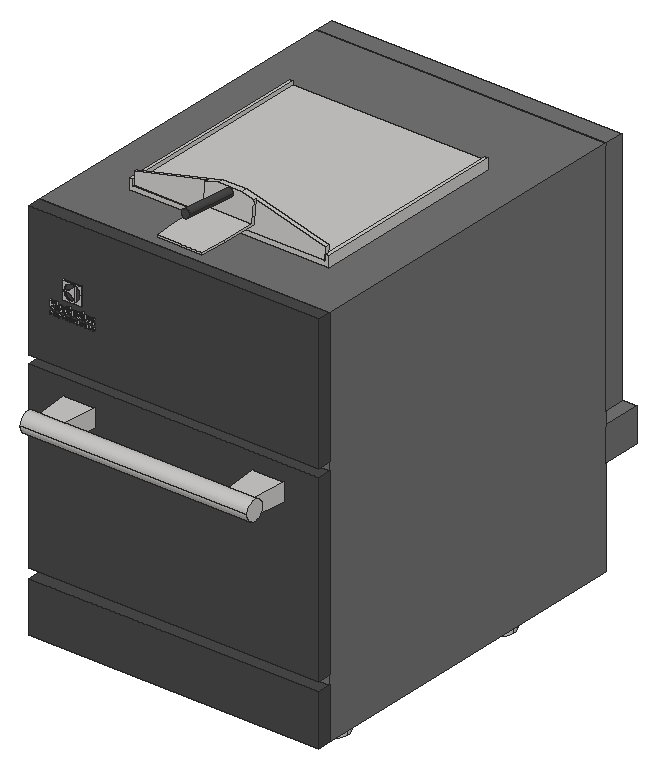
Revit family "QF_ELECTROLUXPROFESSIONAL_603955_EPRPROSITEU", category Specialty Equipment, Revit 2023
Family settings
  Round Connector Dimension = Use Diameter
  Part Type = Normal
  Work Plane-Based = No
  Enable Cutting in Views = No
  Always vertical = Yes
  Cut with Voids When Loaded = No
  Maintain Annotation Orientation = No
  Shared = No
  Room Calculation Point = No
Parameters (values of type "Standard")
  Weight = 68.00 kg
  Watts = 0 W
  Volts = 220 V
  URL Manufacturer = "http://www.electroluxprofessional.com"
  URL = "http://www.electroluxprofessional.com"
  Steam Supply Size = 0 mm
  Steam Supply Minimum Pressure = 0.0 Pa
  Steam Supply Maximum Pressure = 0.0 Pa
  Steam Consumption per Hour = 0
  Show Logo [instance] = yes
  Show Clearance [instance] = yes
  Refrigeration Suction Line Size = 0 mm
  Refrigeration Liquid Line Size = 0 mm
  Refrigerant Compressor Remote = yes
  Default Elevation = 0 mm
  Manufacturer = "Electrolux Professional"
  Phase = 1
  Model = "EPRPROSITEU"
  Length Actual = 460 mm
  Item Number = "603955"
  Hot Water Size = 0 mm
  Height Actual = 660 mm
  HP = "4.7 HP"
  Gas Size = 0 mm
  Gas KW = 0
  Gas Input Pressure = 0 W
  Direct Waste Size = 0 mm
  Description = "GOURMEXPRESS HIGH SPEED OVEN (3.5 KW) 230V/1N/50HZ - BLACK - SCHUKO PLUG"
  Depth Actual = 710 mm
  Cycle = 50 Hz
  Condensate Return Size = 0 mm
  Compressed Air Volume = 0.0 L/s
  Compressed Air Size = 0 mm
  Compressed Air Pressure = 0.0 Pa
  Cold Water Size = 0 mm
  Accessory = no
Reference planes
  plane 1 "Center X": y = 418.851
  plane 2: z = 0
  plane 3 "Center Y": x = 103.5
  plane 4 "BACK": y = 703.851
  plane 5 "FRONT": y = 133.851
  plane 6: z = 629
  plane 7 "TOP": z = 1239
  plane 8: y = -121.149
  plane 9 "RIGHT": x = 333.5
  plane 10 "LEFT": x = -126.5
  plane 11: x = -56.5
  plane 12: x = 263.5
  plane 13: y = 583.851
  plane 14: y = 253.851
  plane 15: z = 578
Forms (mm)
  Extrusion 1, solid, material "QF_Finishes_Dark Gray"
    sketch origin (0, 0, 578) x (1, 0, 0) y (0, 1, 0)
      loop
        line (-126.5, 703.851) -> (-126.5, 155.851) -> (333.5, 155.851) -> (333.5, 703.851) -> (-126.5, 703.851)
    from 51 to 661
  Extrusion 2, solid, material "QF_Finishes_Black"
    sketch origin (0, 0, 578) x (1, 0, 0) y (0, 1, 0)
      loop
        line (-126.5, 155.851) -> (-126.5, 133.851) -> (333.5, 133.851) -> (333.5, 155.851) -> (-126.5, 155.851)
    from 51 to 131
  Extrusion 3, solid, material "QF_Finishes_Black"
    sketch origin (0, 0, 673) x (1, 0, 0) y (0, 1, 0)
      loop
        line (-126.5, 155.851) -> (-126.5, 133.851) -> (333.5, 133.851) -> (333.5, 155.851) -> (-126.5, 155.851)
    from 51 to 341
  Extrusion 4, solid, material "QF_Finishes_Black"
    sketch origin (0, 0, 976) x (1, 0, 0) y (0, 1, 0)
      loop
        line (-126.5, 155.851) -> (-126.5, 133.851) -> (333.5, 133.851) -> (333.5, 155.851) -> (-126.5, 155.851)
    from 51 to 263
  Extrusion 5, solid, material "QF_Finishes_Dark Gray"
    sketch origin (-126.5, 0, 578) x (0, 1, 0) y (0, 0, 1)
      loop
        line (703.851, 661) -> (703.851, 281) -> (733.851, 281) -> (733.851, 661) -> (703.851, 661)
    from 0 to 460
  Extrusion 6, solid, material "QF_Finishes_Dark Gray"
    sketch origin (-126.5, 0, 578) x (0, 1, 0) y (0, 0, 1)
      loop
        line (703.851, 261) -> (703.851, 207) -> (763.851, 207) -> (763.851, 261) -> (703.851, 261)
    from 0 to 460
  Extrusion 7, solid, material "QF_Finishes_Dark Gray"
    sketch origin (-126.5, 703.851, 578) x (1, 0, 0) y (0, 0, -1)
      loop
        circle (230, -111) r 10
    from 0 to 10
  Extrusion 8, solid, material "QF_Finishes_Stainless Steel"
    sketch origin (-126.5, 15, 578) x (0, 1, 0) y (0, 0, 1)
      loop
        circle (53.851, 400) r 15
    from 50 to 410
  Extrusion 9, solid, material "QF_Finishes_Stainless Steel"
    sketch origin (0, 0, 578) x (1, 0, 0) y (0, 1, 0)
      loop
        line (-71.5, 133.851) -> (-64.668, 68.851) -> (-28.332, 68.851) -> (-21.5, 133.851) -> (-71.5, 133.851)
    from 382.4 to 410.034
  Extrusion 10, solid, material "QF_Finishes_Stainless Steel"
    sketch origin (207, 0, 578) x (-1, 0, 0) y (0, -1, 0)
      loop
        line (-71.5, -133.851) -> (-21.5, -133.851) -> (-28.332, -68.851) -> (-64.668, -68.851) -> (-71.5, -133.851)
    from 382.4 to 410.034
  Extrusion 11, solid, material "QF_Finishes_Stainless Steel"
    sketch origin (313.5, 559.851, 708) x (-1, 0, 0) y (0, 0, -1)
      loop
        line (367.5, -531) -> (52.5, -531) -> (52.5, -548) -> (57.5, -548) -> (57.5, -538) -> (362.5, -538) -> (362.5, -548) -> (367.5, -548) -> (367.5, -531)
    from 0 to 316
  Extrusion 12, solid, material "QF_Finishes_Stainless Steel"
    sketch origin (313.5, 192.398, 710.47) x (-1, 0, 0) y (0, -0.095638, -0.995416)
      loop
        line (362, -538.979) -> (58, -538.979) -> (58, -558.12) -> (191.039, -590.161) -> (228.961, -590.161) -> (362, -558.12) -> (362, -538.979)
    from 0 to -5
  Extrusion 13, solid, material "QF_Finishes_Stainless Steel"
    sketch origin (313.5, 192.398, 710.466) x (-1, 0, 0) y (0, -0.095638, -0.995416)
      loop
        line (228.961, -590.164) -> (248.405, -585.482) -> (248.405, -549.816) -> (171.595, -549.816) -> (171.595, -585.482) -> (191.039, -590.164) -> (228.961, -590.164)
    from 0 to 5
  Extrusion 14, solid, material "QF_Finishes_Stainless Steel"
    sketch origin (0, 1.059, 1239.429) x (1, 0, 0) y (0, 1, 0)
      loop
        line (65.095, 244.787) -> (65.095, 183.851) -> (68.512, 144.792) -> (138.488, 144.792) -> (141.905, 183.851) -> (141.905, 244.787) -> (65.095, 244.787)
    from 17.834 to 20.834
  Extrusion 15, solid, material "QF_Finishes_Black"
    sketch origin (313.5, 187.421, 710.944) x (-1, 0, 0) y (0, -0.095638, -0.995416)
      loop
        circle (210, -582.028) r 6.6
    from 0 to 86.671
  Extrusion 16, solid, material "QF_Door-Drawer Clearances", visible <- "Show Clearance", detail levels coarse
    sketch origin (-126.5, 0, 0) x (0, 1, 0) y (0, 0, 1)
      loop
        line (133.851, 724) -> (133.851, 1014)
        arc (133.851, 1014) -> (-53.454, 921.587) -> (-121.149, 724) r 273.889
        line (-121.149, 724) -> (133.851, 724)
    from 0 to 460
  Extrusion 17, solid, material "QF_Clearances", visible <- "Show Clearance", detail levels coarse
    sketch origin (0, 0, 1239) x (1, 0, 0) y (0, 1, 0)
      loop
        line (-126.5, 703.851) -> (333.5, 703.851) -> (333.5, 133.851) -> (393.5, 133.851) -> (393.5, 763.851) -> (-186.5, 763.851) -> (-186.5, 133.851) -> (-126.5, 133.851) -> (-126.5, 703.851)
    from -661 to 140
  Extrusion 18, solid, material "QF_Clearances", visible <- "Show Clearance", detail levels coarse
    sketch origin (0, 0, 1239) x (1, 0, 0) y (0, 1, 0)
      loop
        line (-126.5, 703.851) -> (-126.5, 133.851) -> (333.5, 133.851) -> (333.5, 703.851) -> (-126.5, 703.851)
    from 0 to 140
  Extrusion 19, solid, material "QF_Finishes_Stainless Steel"
    sketch origin (313.5, 429.285, 708) x (-1, 0, 0) y (0, 0, -1)
      loop
        line (362, -543.5) -> (362, -538.5) -> (58, -538.5) -> (58, -543.5) -> (362, -543.5)
    from -130.566 to 180.363
Cuts and joins
  joined: Extrusion 8, Extrusion 9, Extrusion 10
  joined: Extrusion 12, Extrusion 13, Extrusion 14, Extrusion 19
Lines and regions (mm)
  Split face 1
    outline origin (365.185, 133.851, 976) x (-1, 0, 0) y (0, 0, -1)
      loop
        line (491.685, -81) -> (363.685, -81) -> (351.685, -69) -> (171.685, -69) -> (159.685, -81) -> (31.685, -81)
  Split face 2
    outline origin (365.185, 133.851, 976) x (-1, 0, 0) y (0, 0, -1)
      loop
        line (316.685, -185) -> (316.685, -119) -> (206.685, -119) -> (206.685, -185) -> (316.685, -185)
  Split face 3
    outline origin (365.185, 133.851, 976) x (-1, 0, 0) y (0, 0, -1)
      loop
        circle (101.685, -153.968) r 15
  symbolic lines
    curve 1: line (-126.5, 703.851, 1239) -> (333.5, 703.851, 1239)
    curve 2: line (-126.5, 133.851, 1239) -> (-126.5, 703.851, 1239)
    curve 3: line (333.5, 133.851, 1239) -> (-126.5, 133.851, 1239)
    curve 4: line (333.5, 703.851, 1239) -> (333.5, 133.851, 1239)
    curve 5: line (-54, 559.851, 1239) -> (261, 559.851, 1239)
    curve 6: line (-54, 243.851, 1239) -> (-54, 559.851, 1239)
    curve 7: line (261, 243.851, 1239) -> (141.905, 243.851, 1239)
    curve 8: line (261, 559.851, 1239) -> (261, 243.851, 1239)
    curve 9: line (65.095, 248.392, 1239) -> (65.095, 184.91, 1239)
    curve 10: line (65.095, 184.91, 1239) -> (68.512, 145.851, 1239)
    curve 11: line (138.488, 145.851, 1239) -> (141.905, 184.91, 1239)
    curve 12: line (141.905, 184.91, 1239) -> (141.905, 248.392, 1239)
    curve 13: spline (110.1, 156.811, 1239) -> (109.875, 156.974, 1239) -> (109.216, 157.126, 1239) -> (108.167, 157.257, 1239) -> (106.8, 157.357, 1239) -> (105.208, 157.42, 1239) -> (103.5, 157.442, 1239) -> (101.792, 157.42, 1239) -> (100.2, 157.357, 1239) -> (98.833, 157.257, 1239) -> (97.784, 157.126, 1239) -> (97.125, 156.974, 1239) -> (96.9, 156.811, 1239)
    curve 14: spline (96.9, 156.811, 1239) -> (97.125, 156.647, 1239) -> (97.784, 156.495, 1239) -> (98.833, 156.364, 1239) -> (100.2, 156.264, 1239) -> (101.792, 156.201, 1239) -> (103.5, 156.18, 1239) -> (105.208, 156.201, 1239) -> (106.8, 156.264, 1239) -> (108.167, 156.364, 1239) -> (109.216, 156.495, 1239) -> (109.875, 156.647, 1239) -> (110.1, 156.811, 1239)
    curve 15: line (96.9, 156.811, 1239) -> (96.9, 243.084, 1239)
    curve 16: spline (96.9, 243.084, 1239) -> (97.125, 243.248, 1239) -> (97.784, 243.4, 1239) -> (98.833, 243.531, 1239) -> (100.2, 243.631, 1239) -> (101.792, 243.694, 1239) -> (103.5, 243.715, 1239) -> (105.208, 243.694, 1239) -> (106.8, 243.631, 1239) -> (108.167, 243.531, 1239) -> (109.216, 243.4, 1239) -> (109.875, 243.248, 1239) -> (110.1, 243.084, 1239)
    curve 17: line (110.1, 156.811, 1239) -> (110.1, 243.084, 1239)
    curve 18: line (-27.16, 80.001, 1239) -> (-21.5, 133.851, 1239)
    curve 19: line (-71.5, 133.851, 1239) -> (-65.84, 80.001, 1239)
    curve 20: line (-76.5, 83.851, 1239) -> (-66.245, 83.851, 1239)
    curve 21: line (-76.5, 53.851, 1239) -> (-76.5, 83.851, 1239)
    curve 22: line (283.5, 53.851, 1239) -> (-76.5, 53.851, 1239)
    curve 23: line (283.5, 83.851, 1239) -> (283.5, 53.851, 1239)
    curve 24: line (228.5, 133.851, 1239) -> (234.16, 80.001, 1239)
    curve 25: line (272.84, 80.001, 1239) -> (278.5, 133.851, 1239)
    curve 34: line (-126.5, 703.851, 1239) -> (-126.5, 733.851, 1239)
    curve 35: line (-126.5, 733.851, 1239) -> (333.5, 733.851, 1239)
    curve 36: line (333.5, 733.851, 1239) -> (333.5, 703.851, 1239)
    curve 37: line (-126.5, 733.851, 1239) -> (-126.5, 763.851, 1239)
    curve 38: line (333.5, 763.851, 1239) -> (333.5, 733.851, 1239)
    curve 39: line (-126.5, 763.851, 0) -> (333.5, 763.851, 0)
    curve 40: line (68.512, 145.851, 1239) -> (138.488, 145.851, 1239)
    curve 41: line (-26.755, 83.851, 1239) -> (233.755, 83.851, 1239)
    curve 42: line (273.245, 83.851, 1239) -> (283.5, 83.851, 1239)
    curve 43: line (234.16, 80.001, 1239) -> (272.84, 80.001, 1239)
    curve 44: line (-65.84, 80.001, 1239) -> (-27.16, 80.001, 1239)
    curve 45: spline (96.9, 243.085, 1239) -> (97.125, 243.248, 1239) -> (97.784, 243.4, 1239) -> (98.833, 243.531, 1239) -> (100.2, 243.631, 1239) -> (101.792, 243.694, 1239) -> (103.5, 243.716, 1239) -> (105.208, 243.694, 1239) -> (106.8, 243.631, 1239) -> (108.167, 243.531, 1239) -> (109.216, 243.4, 1239) -> (109.875, 243.248, 1239) -> (110.1, 243.085, 1239)
    curve 46: line (84.539, 253.817, 1239) -> (84.539, 243.863, 1239)
    curve 47: line (122.461, 243.863, 1239) -> (122.461, 253.817, 1239)
    curve 48: line (122.461, 253.817, 1239) -> (255.5, 250.752, 1239)
    curve 49: line (256, 559.851, 1239) -> (256, 243.851, 1239)
    curve 50: line (255.5, 243.851, 1239) -> (255.5, 559.851, 1239)
    curve 51: line (-48.5, 559.851, 1239) -> (-48.5, 243.851, 1239)
    curve 52: line (-49, 243.851, 1239) -> (-49, 559.851, 1239)
    curve 53: line (141.905, 248.392, 1239) -> (255.5, 245.775, 1239)
    curve 54: line (141.905, 240.198, 1239) -> (110.1, 240.198, 1239)
    curve 55: line (141.905, 243.415, 1239) -> (122.461, 243.863, 1239)
    curve 56: line (84.539, 243.863, 1239) -> (65.095, 243.415, 1239)
    curve 57: line (-48.5, 245.775, 1239) -> (65.095, 248.392, 1239)
    curve 58: line (-48.5, 250.752, 1239) -> (84.539, 253.817, 1239)
    curve 59: line (84.539, 253.817, 1239) -> (122.461, 253.817, 1239)
    curve 60: line (122.461, 243.863, 1239) -> (84.539, 243.863, 1239)
    curve 61: line (65.095, 243.851, 1239) -> (-54, 243.851, 1239)
    curve 62: line (96.9, 240.198, 1239) -> (65.095, 240.198, 1239)
  symbolic lines, style "QF_Door-Drawer Clearances"
    curve 26: line (-126.5, 133.851, 1239) -> (-126.5, -121.149, 1239)
    curve 27: line (-126.5, -121.149, 1239) -> (333.5, -121.149, 1239)
    curve 28: line (333.5, -121.149, 1239) -> (333.5, 133.851, 1239)
  symbolic lines, style "QF_Clearances"
    curve 29: line (-186.5, 763.851, 1239) -> (-126.5, 763.851, 1239)
    curve 30: line (393.5, 763.851, 1239) -> (393.5, 133.851, 1239)
    curve 31: line (393.5, 133.851, 1239) -> (333.5, 133.851, 1239)
    curve 32: line (-126.5, 133.851, 1239) -> (-186.5, 133.851, 1239)
    curve 33: line (-186.5, 133.851, 1239) -> (-186.5, 763.851, 1239)
    curve 63: line (333.5, 763.851, 1239) -> (393.5, 763.851, 1239)
Dimensions and locks
  plane 4 "BACK" to plane 5 "FRONT" = 570 mm
  equal spacing: plane 4 "BACK", plane 1 "Center X", plane 5 "FRONT"
  equal spacing: plane 10 "LEFT", plane 3 "Center Y", plane 9 "RIGHT"
  plane 10 "LEFT" to plane 9 "RIGHT" = 460 mm
  plane 5 "FRONT" to plane 8 = 255 mm
  plane 6 to plane 15 = 51 mm
  plane 7 "TOP" to plane 6 = 610 mm
  plane 11 to plane 12 = 320 mm
  plane 13 to plane 14 = 330 mm  (x2)
  plane 15 to level = 578 mm
  aligned and locked: level to plane 2
  aligned and locked: plane 12 to nested 2
  aligned and locked: plane 12 to nested 3
  aligned and locked: plane 11 to nested 1
  aligned and locked: plane 11 to nested 4
  aligned and locked: nested 4 to plane 13
  aligned and locked: nested 3 to plane 13
  aligned and locked: nested 1 to plane 14
  aligned and locked: nested 2 to plane 14
  aligned and locked: Extrusion 1 sketch curve to plane 4 "BACK"
  aligned and locked: plane 10 "LEFT" to Extrusion 1 sketch curve
  aligned and locked: Extrusion 1 sketch curve to plane 9 "RIGHT"
  aligned and locked: Extrusion 1 to plane 6
  aligned and locked: plane 7 "TOP" to Extrusion 1
  aligned and locked: Extrusion 2 sketch curve to Extrusion 1  (x2)
  aligned and locked: plane 5 "FRONT" to Extrusion 2 sketch curve
  aligned and locked: Extrusion 2 sketch curve to plane 9 "RIGHT"
  aligned and locked: Extrusion 2 to plane 6
  aligned and locked: plane 7 "TOP" to Extrusion 4
  aligned and locked: plane 9 "RIGHT" to Extrusion 5
  aligned and locked: plane 9 "RIGHT" to Extrusion 16
Automatic sketch dimensions
  Extrusion 9 sketch curve to plane 5 "FRONT" = 0 mm
  Extrusion 9 sketch curve to plane 11 = 8.168 mm
  plane 11 to Extrusion 9 sketch curve = 28.168 mm
  plane 11 to Extrusion 9 sketch curve = 35 mm
  Extrusion 10 sketch curve to plane 5 "FRONT" = 0 mm
  Extrusion 10 sketch curve to plane 12 = 8.168 mm
  plane 12 to Extrusion 10 sketch curve = 28.168 mm
  plane 12 to Extrusion 10 sketch curve = 35 mm
  Extrusion 12 sketch curve to plane 12 = 8 mm
  plane 3 "Center Y" to Extrusion 12 sketch curve = 18.961 mm
  Extrusion 12 sketch curve to plane 3 "Center Y" = 18.961 mm
  plane 11 to Extrusion 12 sketch curve = 8 mm
  Extrusion 12 sketch curve to Extrusion 12 sketch curve = 32.04 mm  (x2)
  Extrusion 12 sketch curve to Extrusion 12 sketch curve = 19.141 mm
  Extrusion 13 sketch curve to Extrusion 12 = 0 mm  (x5)
  Extrusion 13 sketch curve to Extrusion 12 = 10.834 mm
  Extrusion 13 sketch curve to Extrusion 13 sketch curve = 19.444 mm  (x2)
  Extrusion 14 sketch curve to plane 14 = 8.005 mm
  Extrusion 14 sketch curve to plane 3 "Center Y" = 38.405 mm
  plane 5 "FRONT" to Extrusion 14 sketch curve = 12 mm
  Extrusion 14 sketch curve to plane 3 "Center Y" = 34.988 mm
  plane 3 "Center Y" to Extrusion 14 sketch curve = 34.988 mm
  plane 3 "Center Y" to Extrusion 14 sketch curve = 38.405 mm
  Extrusion 15 sketch curve to Extrusion 13 = 8.137 mm
  Extrusion 15 sketch curve to Extrusion 13 = 38.405 mm
  Extrusion 9 sketch curve to plane 11 = 15 mm
  Extrusion 10 sketch curve to plane 12 = 15 mm
  Extrusion 9 sketch curve to plane 5 "FRONT" = 65 mm
  plane 5 "FRONT" to Extrusion 10 sketch curve = 65 mm
  plane 5 "FRONT" to Extrusion 1 sketch curve = 22 mm
  Extrusion 14 sketch curve to Extrusion 14 sketch curve = 39.059 mm  (x2)
  curve 39 to plane 10 "LEFT" = 0 mm
  curve 39 to plane 9 "RIGHT" = 0 mm
  plane 4 "BACK" to curve 39 = 60 mm
  Extrusion 3 sketch curve to plane 5 "FRONT" = 0 mm
  Extrusion 3 sketch curve to plane 10 "LEFT" = 0 mm
  Extrusion 3 sketch curve to plane 9 "RIGHT" = 0 mm
  plane 5 "FRONT" to Extrusion 3 sketch curve = 22 mm
  Extrusion 4 sketch curve to plane 5 "FRONT" = 0 mm
  Extrusion 4 sketch curve to plane 10 "LEFT" = 0 mm
  Extrusion 4 sketch curve to plane 9 "RIGHT" = 0 mm
  plane 5 "FRONT" to Extrusion 4 sketch curve = 22 mm
  Split face 1 sketch curve to Extrusion 4 = 0 mm
  Extrusion 4 to Split face 1 sketch curve = 0 mm
  Split face 1 sketch curve to Extrusion 4 = 30 mm
  Split face 1 sketch curve to Split face 1 sketch curve = 128 mm
  Split face 1 sketch curve to Split face 1 sketch curve = 12 mm  (x3)
  Split face 1 sketch curve to Extrusion 4 = 18 mm
  Split face 1 sketch curve to Extrusion 4 = 140 mm
  Split face 2 sketch curve to Extrusion 4 = 78 mm
  Split face 2 sketch curve to Extrusion 4 = 175 mm
  Split face 2 sketch curve to Split face 2 sketch curve = 110 mm
  Split face 2 sketch curve to Split face 2 sketch curve = 66 mm
  Split face 3 sketch curve to Extrusion 4 = 70 mm
  Split face 3 sketch curve to Extrusion 4 = 102.968 mm
  Extrusion 5 sketch curve to plane 4 "BACK" = 0 mm
  Extrusion 5 sketch curve to plane 7 "TOP" = 0 mm
  plane 4 "BACK" to Extrusion 5 sketch curve = 30 mm
  plane 6 to Extrusion 5 sketch curve = 230 mm
  Extrusion 6 sketch curve to plane 4 "BACK" = 0 mm
  plane 4 "BACK" to Extrusion 6 sketch curve = 60 mm
  plane 6 to Extrusion 6 sketch curve = 156 mm
  Extrusion 6 sketch curve to Extrusion 6 sketch curve = 54 mm
  Extrusion 1 to Extrusion 7 sketch curve = 60 mm
  Extrusion 7 sketch curve to Extrusion 1 = 230 mm
  Extrusion 8 sketch curve to plane 5 "FRONT" = 65 mm
  Extrusion 8 sketch curve to plane 7 "TOP" = 261 mm
  Extrusion 11 sketch curve to plane 7 "TOP" = 0 mm
  Extrusion 11 sketch curve to plane 12 = 2.5 mm
  Extrusion 11 sketch curve to plane 12 = 7.5 mm
  plane 11 to Extrusion 11 sketch curve = 7.5 mm
  plane 11 to Extrusion 11 sketch curve = 2.5 mm
  plane 7 "TOP" to Extrusion 11 sketch curve = 7 mm
  Extrusion 11 sketch curve to Extrusion 11 sketch curve = 10 mm  (x2)
  Extrusion 16 sketch curve to plane 8 = 0 mm
  Extrusion 16 sketch curve to plane 5 "FRONT" = 0 mm
  plane 5 "FRONT" to Extrusion 16 sketch curve = 18.377 mm
  plane 6 to Extrusion 16 sketch curve = 95 mm
  Extrusion 16 sketch curve to Extrusion 16 sketch curve = 16.729 mm
  Extrusion 17 sketch curve to Extrusion 1 = 0 mm  (x3)
  Extrusion 1 to Extrusion 17 sketch curve = 22 mm  (x2)
  Extrusion 1 to Extrusion 17 sketch curve = 60 mm  (x3)
  Extrusion 18 sketch curve to Extrusion 1 = 0 mm  (x3)
  Extrusion 1 to Extrusion 18 sketch curve = 22 mm
  Extrusion 19 sketch curve to plane 12 = 8 mm
  plane 11 to Extrusion 19 sketch curve = 8 mm
  plane 7 "TOP" to Extrusion 19 sketch curve = 12.5 mm
  Extrusion 19 sketch curve to Extrusion 19 sketch curve = 5 mm
  curve 37 to Extrusion 1 = 0 mm
  curve 4 to Extrusion 1 = 0 mm  (x2)
  Extrusion 1 to curve 33 = 22 mm
  Extrusion 1 to curve 33 = 60 mm  (x2)
  curve 20 to Extrusion 1 = 50 mm
  curve 20 to curve 19 = 10.66 mm
  curve 6 to Extrusion 1 = 72.5 mm
  curve 19 to curve 18 = 38.68 mm
  curve 6 to curve 9 = 119.095 mm
  Extrusion 1 to curve 40 = 10 mm
  curve 9 to curve 40 = 3.417 mm
  curve 9 to curve 46 = 19.444 mm
  curve 46 to curve 15 = 12.361 mm
  curve 17 to Extrusion 1 = 0.96 mm
  curve 13 to curve 17 = 13.2 mm
  curve 55 to Extrusion 1 = 88.012 mm
  curve 16 to curve 55 = 12.361 mm
  curve 13 to curve 11 = 28.388 mm
  curve 53 to Extrusion 1 = 92.541 mm
  curve 47 to curve 53 = 19.444 mm
  curve 24 to Extrusion 1 = 99.34 mm
  curve 5 to Extrusion 1 = 72.5 mm
  curve 24 to curve 43 = 38.68 mm
  curve 25 to curve 42 = 10.66 mm
  curve 63 to curve 30 = 60 mm
  curve 21 to curve 19 = 50 mm
  curve 42 to curve 25 = 50 mm
  curve 43 to curve 42 = 3.85 mm
  curve 44 to curve 20 = 3.85 mm
  curve 21 to curve 19 = 26.15 mm
  curve 28 to curve 22 = 175 mm
  curve 10 to Extrusion 1 = 29.059 mm
  curve 11 to Extrusion 1 = 29.059 mm
  curve 17 to curve 47 = 0.779 mm
  curve 6 to Extrusion 1 = 88 mm
  curve 8 to Extrusion 1 = 88 mm
  curve 61 to curve 9 = 4.541 mm
  curve 47 to curve 47 = 9.954 mm
  curve 5 to Extrusion 1 = 144 mm
  Extrusion 1 to curve 38 = 30 mm
  Extrusion 1 to curve 30 = 60 mm
  curve 20 to curve 19 = 5 mm
  curve 5 to curve 52 = 5 mm
  curve 52 to curve 58 = 0.5 mm
  curve 18 to curve 41 = 0.405 mm
  curve 19 to curve 18 = 50 mm
  curve 45 to curve 15 = 0 mm
  curve 45 to curve 16 = 0 mm
  curve 24 to curve 24 = 5.66 mm
  curve 53 to curve 7 = 5.5 mm
  curve 50 to curve 49 = 0.5 mm
  curve 25 to curve 42 = 0.405 mm
  curve 62 to curve 61 = 3.653 mm
  curve 54 to curve 7 = 3.653 mm
  curve 15 to curve 45 = 0 mm
  curve 55 to curve 7 = 0.436 mm
  curve 56 to curve 61 = 0.436 mm
  curve 51 to curve 57 = 1.924 mm
  curve 50 to curve 53 = 1.924 mm
  curve 57 to curve 58 = 4.977 mm
  curve 53 to curve 48 = 4.977 mm
  radius of Extrusion 15 sketch curve = 6.6 mm
  radius of Split face 3 sketch curve = 15 mm
  radius of Extrusion 7 sketch curve = 10 mm
  radius of Extrusion 8 sketch curve = 15 mm
Nested families
  nested 1: "Foot_Complete" at (-56.5, 253.851, 578), type "Foot_Complete"
  nested 2: "Foot_Complete" at (263.5, 253.851, 578), type "Foot_Complete"
  nested 3: "Foot_Complete" at (263.5, 583.851, 578), type "Foot_Complete"
  nested 4: "Foot_Complete" at (-56.5, 583.851, 578), type "Foot_Complete"
  nested 5: "ELX_Logo_Professional" at (-56.5, 133.851, 1122.524) x (1, 0, 0) z (0, -1, 0), visible <- "Show Logo", type "ELX_Logo_Professional"
Connectors
  electrical at (103.5, 713.851, 689)
    settings: on Extrusion 7, index 1, voltage 0 V, apparent load 0 VA, apparent load phase1 0 VA, apparent load phase2 0 VA, apparent load phase3 0 VA, power factor 1, load classification "Altro", number of poles 1, system type 30, power factor state 1, is connector primary yes, connector utility no, sub classification motor no, connector description "Electrical"
Definition of nested family "Foot_Complete"
  Parameters (values of type "Foot_Complete")
    R = 25 mm
    Default Elevation = 0 mm
    H = 51 mm
  Reference planes
    plane 1 "Centro (Fronte/Retro)": y = 0
    plane 2: z = 0
    plane 3 "Centro (Sinistra/Destra)": x = 0
    plane 4: z = 51
  Forms (mm)
    Revolve 1, solid
      sketch origin (255.05, 0, 608.09) x (0, 0, 1) y (-1, 0, 0)
        loop
          line (-608.09, 255.05) -> (-608.09, 235.05) -> (-597.09, 235.05) -> (-597.09, 230.05) -> (-557.09, 230.05) -> (-557.09, 255.05) -> (-608.09, 255.05)
        axis (-608.09, 255.05) -> (-557.09, 255.05)
      angle from 0 to 360
  Dimensions and locks
    level to Revolve 1 sketch curve = 11 mm
    "R": Revolve 1 sketch curve to plane 3 "Centro (Sinistra/Destra)"
    "H": plane 4 to level
    aligned and locked: level to plane 2
    aligned and locked: plane 4 to Revolve 1 sketch curve
    aligned and locked: Revolve 1 sketch curve to level
    aligned and locked: plane 3 "Centro (Sinistra/Destra)" to Revolve 1 sketch curve
  Automatic sketch dimensions
    Revolve 1 sketch curve to plane 3 "Centro (Sinistra/Destra)" = 0 mm
    Revolve 1 sketch curve to Revolve 1 sketch curve = 5 mm
    Revolve 1 sketch curve to Revolve 1 sketch curve = 50 mm
    Revolve 1 sketch curve to Revolve 1 sketch curve = 20 mm
Definition of nested family "ELX_Logo_Professional"
  Parameters (values of type "ELX_Logo_Professional")
    materiale = none
    Default Elevation = 0 mm
  Reference planes
    plane 1 "Centro (Fronte/Retro)": y = 0
    plane 2: z = 0
    plane 3 "Centro (Sinistra/Destra)": x = 0
  Forms (mm)
    Extrusion 1, solid
      sketch origin (0, 0, 0) x (1, 0, 0) y (0, 1, 0)
        loop
          line (-1219.2, 1219.2) -> (-1219.2, -1219.2) -> (1219.2, -1219.2) -> (1219.2, 1219.2) -> (-1219.2, 1219.2)
      from 0 to -304.8
    Extrusion 2, solid, material <- "materiale"
      sketch origin (-144.622, -1081.55, 0) x (-1, 0, 0) y (0, -1, 0)
        loop
          line (-130.265, -1113.361) -> (-130.265, -1084.645) -> (-158.979, -1084.645) -> (-158.979, -1113.361) -> (-130.265, -1113.361)
        loop
          arc (-146.24, -1106.937) -> (-147.076, -1109.166) -> (-147.324, -1111.534) r 9.395
          arc (-147.324, -1111.534) -> (-145.139, -1111.806) -> (-142.939, -1111.706) r 13.008
          line (-142.939, -1111.706) -> (-141.329, -1111.382) -> (-139.8, -1110.859) -> (-138.364, -1110.152) -> (-137.035, -1109.277) -> (-135.826, -1108.249) -> (-134.751, -1107.081) -> (-133.821, -1105.789) -> (-133.05, -1104.389) -> (-132.452, -1102.893) -> (-132.039, -1101.318) -> (-131.824, -1099.675) -> (-134.539, -1099.675) -> (-136.155, -1099.784) -> (-137.741, -1100.101) -> (-139.277, -1100.613) -> (-140.74, -1101.304) -> (-142.111, -1102.159) -> (-143.367, -1103.165) -> (-144.488, -1104.306) -> (-145.453, -1105.568) -> (-146.24, -1106.937)
        loop
          line (-148.67, -1086.844) -> (-150.173, -1087.464) -> (-151.57, -1088.253) -> (-152.847, -1089.196) -> (-153.992, -1090.281) -> (-154.994, -1091.494) -> (-155.841, -1092.821) -> (-156.519, -1094.25) -> (-157.018, -1095.766) -> (-157.324, -1097.357) -> (-157.427, -1099.009) -> (-157.315, -1100.685) -> (-156.998, -1102.296) -> (-156.488, -1103.827) -> (-155.799, -1105.265) -> (-154.946, -1106.596) -> (-153.94, -1107.806) -> (-152.796, -1108.882) -> (-151.528, -1109.81) -> (-150.148, -1110.576) -> (-148.67, -1111.167) -> (-148.67, -1086.844)
        loop
          arc (-147.323, -1086.473) -> (-147.041, -1088.83) -> (-146.239, -1091.065) r 10.532
          line (-146.239, -1091.065) -> (-145.452, -1092.432) -> (-144.488, -1093.693) -> (-143.367, -1094.833) -> (-142.111, -1095.838) -> (-140.741, -1096.693) -> (-139.278, -1097.383) -> (-137.743, -1097.894) -> (-136.157, -1098.211) -> (-134.541, -1098.32) -> (-131.822, -1098.32) -> (-131.976, -1096.81) -> (-132.312, -1095.353) -> (-132.818, -1093.961) -> (-133.481, -1092.644) -> (-134.291, -1091.416) -> (-135.235, -1090.288) -> (-136.302, -1089.272) -> (-137.48, -1088.379) -> (-138.757, -1087.622) -> (-140.121, -1087.012) -> (-141.56, -1086.561) -> (-143.063, -1086.281) -> (-144.633, -1086.183)
          arc (-144.633, -1086.183) -> (-145.985, -1086.264) -> (-147.323, -1086.473) r 14.39
        loop
          line (-111.329, -1069.559) -> (-111.329, -1071.073) -> (-116.048, -1071.073) -> (-116.048, -1072.896) -> (-111.328, -1072.896) -> (-111.328, -1075.549) -> (-116.349, -1075.549) -> (-116.349, -1077.368) -> (-109.396, -1077.368) -> (-109.396, -1073.46) -> (-109.396, -1069.659)
          arc (-109.396, -1069.659) -> (-110.425, -1067.175) -> (-112.909, -1066.146) r 3.513
          line (-112.909, -1066.146) -> (-116.483, -1066.146) -> (-116.483, -1067.963) -> (-112.925, -1067.963)
          arc (-112.925, -1067.963) -> (-111.797, -1068.431) -> (-111.329, -1069.559) r 1.596
        loop
          line (-119.79, -1077.358) -> (-117.856, -1077.358) -> (-117.856, -1072.053) -> (-117.856, -1066.132) -> (-119.79, -1066.132) -> (-119.79, -1072.092) -> (-119.79, -1077.358)
        loop
          line (-122.986, -1069.718) -> (-129.327, -1069.718)
          arc (-129.327, -1069.718) -> (-129.219, -1071.449) -> (-128.497, -1073.026) r 4.757
          arc (-128.497, -1073.026) -> (-125.237, -1074.5) -> (-121.978, -1073.026) r 4.34
          arc (-121.978, -1073.026) -> (-121.072, -1070.207) -> (-121.978, -1067.388) r 4.838
          arc (-121.978, -1067.388) -> (-125.393, -1065.933) -> (-128.809, -1067.388) r 4.737
          line (-128.809, -1067.388) -> (-127.645, -1068.52)
          arc (-127.645, -1068.52) -> (-125.509, -1067.576) -> (-123.374, -1068.52) r 2.888
          arc (-123.374, -1068.52) -> (-123.05, -1069.077) -> (-122.986, -1069.718) r 1.527
        loop
          arc (-127.386, -1071.076) -> (-126.67, -1072.331) -> (-125.331, -1072.872) r 2.201
          arc (-125.331, -1072.872) -> (-123.848, -1072.402) -> (-123.033, -1071.076) r 2.23
          line (-123.033, -1071.076) -> (-127.386, -1071.076)
        loop
          line (-136.862, -1071.886) -> (-138.059, -1073.132)
          arc (-138.059, -1073.132) -> (-130.327, -1070.219) -> (-138.059, -1067.306) r 4.415
          line (-138.059, -1067.306) -> (-136.862, -1068.553)
          arc (-136.862, -1068.553) -> (-132.252, -1070.22) -> (-136.862, -1071.886) r 2.606
        loop
          line (-141.192, -1069.673) -> (-141.192, -1072.494) -> (-142.951, -1072.494) -> (-142.951, -1074.25) -> (-141.195, -1074.25) -> (-141.195, -1077.358) -> (-139.262, -1077.358) -> (-139.262, -1073.332) -> (-139.262, -1069.514)
          arc (-139.262, -1069.514) -> (-140.299, -1066.92) -> (-142.98, -1066.132) r 3.196
          line (-142.98, -1066.132) -> (-142.987, -1067.949)
          arc (-142.987, -1067.949) -> (-141.652, -1068.356) -> (-141.192, -1069.673) r 1.542
        loop
          line (-146.494, -1073.042) -> (-146.494, -1074.25) -> (-144.576, -1074.25) -> (-144.576, -1070.271) -> (-144.576, -1066.132) -> (-146.494, -1066.132) -> (-146.494, -1070.401)
          arc (-146.494, -1070.401) -> (-147.446, -1072.228) -> (-149.489, -1072.494) r 2.229
          line (-149.489, -1072.494) -> (-149.489, -1074.362)
          arc (-149.489, -1074.362) -> (-147.761, -1074.226) -> (-146.494, -1073.042) r 2.627
        loop
          line (-159.833, -1072.246) -> (-159.833, -1066.131) -> (-161.767, -1066.131) -> (-161.767, -1072.17) -> (-161.767, -1077.359) -> (-159.833, -1077.359) -> (-159.833, -1072.246)
        loop
          line (-165.194, -1069.514) -> (-165.194, -1074.25) -> (-163.245, -1074.25) -> (-163.245, -1071.898) -> (-163.245, -1069.098)
          arc (-163.245, -1069.098) -> (-166.96, -1065.769) -> (-170.687, -1069.085) r 3.745
          line (-170.687, -1069.085) -> (-170.687, -1071.898) -> (-170.687, -1074.25) -> (-168.739, -1074.25) -> (-168.739, -1069.514)
          arc (-168.739, -1069.514) -> (-166.967, -1067.742) -> (-165.194, -1069.514) r 1.772
        loop
          line (-174.654, -1070.416) -> (-172.975, -1068.078) -> (-171.578, -1066.131) -> (-173.656, -1066.131) -> (-175.717, -1068.999) -> (-177.779, -1066.131) -> (-179.857, -1066.131) -> (-178, -1068.728) -> (-176.781, -1070.433) -> (-178.29, -1072.488) -> (-179.583, -1074.25) -> (-177.473, -1074.25) -> (-175.717, -1071.818) -> (-173.945, -1074.25) -> (-171.852, -1074.25) -> (-173.052, -1072.608) -> (-174.654, -1070.416)
        loop
          circle (-154.223, -1070.188) r 2.508
        loop
          circle (-154.223, -1070.188) r 4.42
        loop
          line (-110.224, -1058.542) -> (-111.194, -1058.542)
          arc (-111.194, -1058.542) -> (-112.217, -1059.95) -> (-110.924, -1061.114) r 1.3
          line (-110.924, -1061.114) -> (-109.424, -1061.114) -> (-109.424, -1057.223) -> (-110.224, -1057.223) -> (-110.224, -1058.542)
        loop
          line (-110.224, -1060.379) -> (-110.224, -1059.293) -> (-111.03, -1059.293)
          arc (-111.03, -1059.293) -> (-111.43, -1059.836) -> (-111.03, -1060.379) r 0.569
          line (-111.03, -1060.379) -> (-110.224, -1060.379)
        loop
          line (-116.302, -1058.564) -> (-117.128, -1058.564) -> (-117.934, -1057.223) -> (-118.841, -1057.223) -> (-117.833, -1058.884)
          arc (-117.833, -1058.884) -> (-118.214, -1060.282) -> (-117.028, -1061.114) r 1.26
          line (-117.028, -1061.114) -> (-115.503, -1061.114) -> (-115.503, -1057.223) -> (-116.302, -1057.223) -> (-116.302, -1058.564)
        loop
          line (-116.302, -1060.379) -> (-116.302, -1059.293) -> (-117.109, -1059.293)
          arc (-117.109, -1059.293) -> (-117.508, -1059.836) -> (-117.109, -1060.379) r 0.569
          line (-117.109, -1060.379) -> (-116.302, -1060.379)
        loop
          line (-128.923, -1057.223) -> (-129.723, -1057.223) -> (-129.723, -1058.714) -> (-131.187, -1058.714) -> (-131.187, -1059.514) -> (-129.723, -1059.514) -> (-129.723, -1060.314) -> (-131.327, -1060.314) -> (-131.327, -1061.114) -> (-128.923, -1061.114) -> (-128.923, -1057.223)
        loop
          arc (-134.628, -1058.469) -> (-134.992, -1057.588) -> (-135.874, -1057.223) r 1.246
          line (-135.874, -1057.223) -> (-137.13, -1057.223) -> (-137.13, -1058.023) -> (-135.969, -1058.023)
          arc (-135.969, -1058.023) -> (-135.53, -1058.237) -> (-135.427, -1058.714) r 0.558
          line (-135.427, -1058.714) -> (-136.984, -1058.714) -> (-136.984, -1059.514) -> (-135.427, -1059.514) -> (-135.427, -1060.314) -> (-137.092, -1060.314) -> (-137.092, -1061.114) -> (-134.628, -1061.114) -> (-134.628, -1058.469)
        loop
          line (-152.3, -1057.223) -> (-153.1, -1057.223) -> (-153.1, -1061.114) -> (-152.3, -1061.114) -> (-152.3, -1057.223)
        loop
          line (-164.67, -1057.223) -> (-164.67, -1059.67) -> (-166.45, -1057.223) -> (-167.25, -1057.223) -> (-167.25, -1061.114) -> (-166.42, -1061.114) -> (-166.42, -1058.594) -> (-164.64, -1061.114) -> (-163.84, -1061.114) -> (-163.84, -1057.223) -> (-164.67, -1057.223)
        loop
          line (-170.403, -1057.223) -> (-171.262, -1057.223) -> (-171.641, -1058.063) -> (-173.08, -1058.063) -> (-173.459, -1057.223) -> (-174.317, -1057.223) -> (-172.796, -1061.113) -> (-171.996, -1061.113) -> (-170.403, -1057.223)
        loop
          line (-177.493, -1057.223) -> (-179.789, -1057.223) -> (-179.789, -1058.023) -> (-178.293, -1058.023) -> (-178.293, -1061.114) -> (-177.493, -1061.114) -> (-177.493, -1057.223)
        loop
          line (-172.362, -1059.848) -> (-171.945, -1058.83) -> (-172.76, -1058.83) -> (-172.362, -1059.848)
        loop
          circle (-158.484, -1059.145) r 1.288
        loop
          circle (-158.484, -1059.145) r 2.065
        loop
          arc (-146.04, -1058.095) -> (-146.933, -1057.275) -> (-148.145, -1057.245) r 1.725
          arc (-148.145, -1057.245) -> (-148.965, -1058.02) -> (-148.68, -1059.111) r 1.107
          arc (-148.68, -1059.111) -> (-148.103, -1059.465) -> (-147.486, -1059.746) r 5.523
          arc (-147.486, -1059.746) -> (-147.147, -1060.262) -> (-147.708, -1060.52) r 0.407
          arc (-147.708, -1060.52) -> (-148.045, -1060.315) -> (-148.325, -1060.038) r 1.702
          line (-148.325, -1060.038) -> (-149.011, -1060.45)
          arc (-149.011, -1060.45) -> (-148.578, -1060.911) -> (-148.043, -1061.247) r 2.463
          arc (-148.043, -1061.247) -> (-146.373, -1060.466) -> (-147.42, -1058.949) r 1.207
          spline (-147.42, -1058.949) -> (-147.716, -1058.809) -> (-147.932, -1058.678) -> (-148.077, -1058.557) -> (-148.163, -1058.446) -> (-148.198, -1058.347) -> (-148.192, -1058.258) -> (-148.157, -1058.182) -> (-148.102, -1058.118) -> (-148.037, -1058.068) -> (-147.972, -1058.031) -> (-147.917, -1058.008) -> (-147.883, -1058)
          arc (-147.883, -1058) -> (-147.238, -1058.014) -> (-146.759, -1058.446) r 0.925
          line (-146.759, -1058.446) -> (-146.04, -1058.095)
        loop
          arc (-140.18, -1058.095) -> (-141.073, -1057.275) -> (-142.285, -1057.245) r 1.725
          arc (-142.285, -1057.245) -> (-143.106, -1058.02) -> (-142.821, -1059.111) r 1.107
          arc (-142.821, -1059.111) -> (-142.243, -1059.465) -> (-141.627, -1059.746) r 5.523
          arc (-141.627, -1059.746) -> (-141.287, -1060.262) -> (-141.849, -1060.52) r 0.407
          arc (-141.849, -1060.52) -> (-142.185, -1060.315) -> (-142.466, -1060.038) r 1.702
          line (-142.466, -1060.038) -> (-143.151, -1060.45)
          arc (-143.151, -1060.45) -> (-142.719, -1060.911) -> (-142.183, -1061.247) r 2.463
          arc (-142.183, -1061.247) -> (-140.513, -1060.466) -> (-141.56, -1058.949) r 1.207
          spline (-141.56, -1058.949) -> (-141.856, -1058.809) -> (-142.072, -1058.678) -> (-142.218, -1058.557) -> (-142.303, -1058.446) -> (-142.338, -1058.347) -> (-142.333, -1058.258) -> (-142.298, -1058.182) -> (-142.242, -1058.118) -> (-142.177, -1058.068) -> (-142.112, -1058.031) -> (-142.057, -1058.008) -> (-142.023, -1058)
          arc (-142.023, -1058) -> (-141.378, -1058.014) -> (-140.9, -1058.446) r 0.925
          line (-140.9, -1058.446) -> (-140.18, -1058.095)
        loop
          circle (-123.484, -1059.145) r 1.288
        loop
          circle (-123.484, -1059.145) r 2.065
      from 0 to 1.6
  Lines and regions (mm)
    symbolic lines
      curve 1: line (-14.357, 31.811, 0) -> (14.357, 31.811, 0)
      curve 2: line (-14.357, 3.095, 0) -> (-14.357, 31.811, 0)
      curve 3: line (14.357, 3.095, 0) -> (-14.357, 3.095, 0)
      curve 4: line (14.357, 31.811, 0) -> (14.357, 3.095, 0)
      curve 5: line (-8.32, 7.722, 0) -> (-9.387, 8.738, 0)
      curve 6: line (-9.387, 8.738, 0) -> (-10.331, 9.866, 0)
      curve 7: line (-10.331, 9.866, 0) -> (-11.141, 11.095, 0)
      curve 8: line (-11.141, 11.095, 0) -> (-11.805, 12.411, 0)
      curve 9: line (-11.805, 12.411, 0) -> (-12.31, 13.803, 0)
      curve 10: line (-12.31, 13.803, 0) -> (-12.646, 15.26, 0)
      curve 11: line (-12.646, 15.26, 0) -> (-12.8, 16.77, 0)
      curve 12: line (-12.8, 16.77, 0) -> (-10.081, 16.77, 0)
      curve 13: line (-10.081, 16.77, 0) -> (-8.466, 16.661, 0)
      curve 14: line (-8.466, 16.661, 0) -> (-6.88, 16.344, 0)
      curve 15: line (-6.88, 16.344, 0) -> (-5.345, 15.833, 0)
      curve 16: line (-5.345, 15.833, 0) -> (-3.882, 15.143, 0)
      curve 17: line (-3.882, 15.143, 0) -> (-2.511, 14.288, 0)
      curve 18: line (-2.511, 14.288, 0) -> (-1.255, 13.283, 0)
      curve 19: line (-1.255, 13.283, 0) -> (-0.135, 12.143, 0)
      curve 20: line (-0.135, 12.143, 0) -> (0.83, 10.882, 0)
      curve 21: line (0.83, 10.882, 0) -> (1.616, 9.515, 0)
      curve 22: arc (1.616, 9.515, 0) -> (2.419, 7.28, 0) -> (2.7, 4.923, 0) r 10.532
      curve 23: arc (2.7, 4.923, 0) -> (1.362, 4.715, 0) -> (0.011, 4.633, 0) r 14.39
      curve 24: line (0.011, 4.633, 0) -> (-1.56, 4.731, 0)
      curve 25: line (-1.56, 4.731, 0) -> (-3.062, 5.011, 0)
      curve 26: line (-3.062, 5.011, 0) -> (-4.502, 5.462, 0)
      curve 27: line (-4.502, 5.462, 0) -> (-5.866, 6.072, 0)
      curve 28: line (-5.866, 6.072, 0) -> (-7.142, 6.829, 0)
      curve 29: line (-7.142, 6.829, 0) -> (-8.32, 7.722, 0)
      curve 30: line (-10.802, 24.24, 0) -> (-9.872, 25.531, 0)
      curve 31: line (-9.872, 25.531, 0) -> (-8.796, 26.699, 0)
      curve 32: line (-8.796, 26.699, 0) -> (-7.587, 27.728, 0)
      curve 33: line (-7.587, 27.728, 0) -> (-6.258, 28.602, 0)
      curve 34: line (-6.258, 28.602, 0) -> (-4.823, 29.309, 0)
      curve 35: line (-4.823, 29.309, 0) -> (-3.293, 29.832, 0)
      curve 36: line (-3.293, 29.832, 0) -> (-1.683, 30.156, 0)
      curve 37: arc (-1.683, 30.156, 0) -> (0.517, 30.256, 0) -> (2.702, 29.984, 0) r 13.008
      curve 38: arc (2.702, 29.984, 0) -> (2.453, 27.616, 0) -> (1.617, 25.387, 0) r 9.395
      curve 39: line (1.617, 25.387, 0) -> (0.83, 24.018, 0)
      curve 40: line (0.83, 24.018, 0) -> (-0.134, 22.756, 0)
      curve 41: line (-0.134, 22.756, 0) -> (-1.255, 21.615, 0)
      curve 42: line (-1.255, 21.615, 0) -> (-2.512, 20.609, 0)
      curve 43: line (-2.512, 20.609, 0) -> (-3.882, 19.754, 0)
      curve 44: line (-3.882, 19.754, 0) -> (-5.346, 19.063, 0)
      curve 45: line (-5.346, 19.063, 0) -> (-6.881, 18.551, 0)
      curve 46: line (-6.881, 18.551, 0) -> (-8.467, 18.234, 0)
      curve 47: line (-8.467, 18.234, 0) -> (-10.083, 18.125, 0)
      curve 48: line (-10.083, 18.125, 0) -> (-12.798, 18.125, 0)
      curve 49: line (-12.798, 18.125, 0) -> (-12.584, 19.768, 0)
      curve 50: line (-12.584, 19.768, 0) -> (-12.171, 21.343, 0)
      curve 51: line (-12.171, 21.343, 0) -> (-11.572, 22.839, 0)
      curve 52: line (-11.572, 22.839, 0) -> (-10.802, 24.24, 0)
      curve 53: line (4.048, 5.294, 0) -> (4.048, 29.617, 0)
      curve 54: line (4.048, 29.617, 0) -> (5.525, 29.026, 0)
      curve 55: line (5.525, 29.026, 0) -> (6.905, 28.26, 0)
      curve 56: line (6.905, 28.26, 0) -> (8.174, 27.332, 0)
      curve 57: line (8.174, 27.332, 0) -> (9.318, 26.256, 0)
      curve 58: line (9.318, 26.256, 0) -> (10.323, 25.046, 0)
      curve 59: line (10.323, 25.046, 0) -> (11.177, 23.715, 0)
      curve 60: line (11.177, 23.715, 0) -> (11.865, 22.277, 0)
      curve 61: line (11.865, 22.277, 0) -> (12.375, 20.746, 0)
      curve 62: line (12.375, 20.746, 0) -> (12.693, 19.135, 0)
      curve 63: line (12.693, 19.135, 0) -> (12.804, 17.459, 0)
      curve 64: line (12.804, 17.459, 0) -> (12.702, 15.807, 0)
      curve 65: line (12.702, 15.807, 0) -> (12.396, 14.216, 0)
      curve 66: line (12.396, 14.216, 0) -> (11.897, 12.7, 0)
      curve 67: line (11.897, 12.7, 0) -> (11.218, 11.271, 0)
      curve 68: line (11.218, 11.271, 0) -> (10.372, 9.944, 0)
      curve 69: line (10.372, 9.944, 0) -> (9.37, 8.731, 0)
      curve 70: line (9.37, 8.731, 0) -> (8.224, 7.646, 0)
      curve 71: line (8.224, 7.646, 0) -> (6.947, 6.703, 0)
      curve 72: line (6.947, 6.703, 0) -> (5.551, 5.914, 0)
      curve 73: line (5.551, 5.914, 0) -> (4.048, 5.294, 0)
      curve 74: line (-35.227, -8.09, 0) -> (-35.227, -11.891, 0)
      curve 75: arc (-35.227, -11.891, 0) -> (-34.198, -14.375, 0) -> (-31.714, -15.404, 0) r 3.513
      curve 76: line (-31.714, -15.404, 0) -> (-28.139, -15.404, 0)
      curve 77: line (-28.139, -15.404, 0) -> (-28.139, -13.587, 0)
      curve 78: line (-28.139, -13.587, 0) -> (-31.697, -13.587, 0)
      curve 79: arc (-31.697, -13.587, 0) -> (-32.826, -13.119, 0) -> (-33.293, -11.991, 0) r 1.596
      curve 80: line (-33.293, -11.991, 0) -> (-33.293, -10.477, 0)
      curve 81: line (-33.293, -10.477, 0) -> (-28.574, -10.477, 0)
      curve 82: line (-28.574, -10.477, 0) -> (-28.574, -8.654, 0)
      curve 83: line (-28.574, -8.654, 0) -> (-33.294, -8.654, 0)
      curve 84: line (-33.294, -8.654, 0) -> (-33.294, -6.001, 0)
      curve 85: line (-33.294, -6.001, 0) -> (-28.273, -6.001, 0)
      curve 86: line (-28.273, -6.001, 0) -> (-28.273, -4.182, 0)
      curve 87: line (-28.273, -4.182, 0) -> (-35.227, -4.182, 0)
      curve 88: line (-35.227, -4.182, 0) -> (-35.227, -8.09, 0)
      curve 89: line (-24.833, -9.458, 0) -> (-24.833, -4.192, 0)
      curve 90: line (-24.833, -4.192, 0) -> (-26.766, -4.192, 0)
      curve 91: line (-26.766, -4.192, 0) -> (-26.766, -9.497, 0)
      curve 92: line (-26.766, -9.497, 0) -> (-26.766, -15.418, 0)
      curve 93: line (-26.766, -15.418, 0) -> (-24.833, -15.418, 0)
      curve 94: line (-24.833, -15.418, 0) -> (-24.833, -9.458, 0)
      curve 95: arc (-16.125, -8.524, 0) -> (-19.385, -7.05, 0) -> (-22.645, -8.524, 0) r 4.34
      curve 96: arc (-22.645, -8.524, 0) -> (-23.551, -11.343, 0) -> (-22.645, -14.162, 0) r 4.838
      curve 97: arc (-22.645, -14.162, 0) -> (-19.229, -15.617, 0) -> (-15.813, -14.162, 0) r 4.737
      curve 98: line (-15.813, -14.162, 0) -> (-16.978, -13.03, 0)
      curve 99: arc (-16.978, -13.03, 0) -> (-19.113, -13.974, 0) -> (-21.249, -13.03, 0) r 2.888
      curve 100: arc (-21.249, -13.03, 0) -> (-21.572, -12.473, 0) -> (-21.637, -11.832, 0) r 1.527
      curve 101: line (-21.637, -11.832, 0) -> (-15.295, -11.832, 0)
      curve 102: arc (-15.295, -11.832, 0) -> (-15.404, -10.101, 0) -> (-16.125, -8.524, 0) r 4.757
      curve 103: line (-17.236, -10.474, 0) -> (-21.589, -10.474, 0)
      curve 104: arc (-21.589, -10.474, 0) -> (-20.774, -9.148, 0) -> (-19.291, -8.678, 0) r 2.23
      curve 105: arc (-19.291, -8.678, 0) -> (-17.952, -9.219, 0) -> (-17.236, -10.474, 0) r 2.201
      curve 106: arc (-6.563, -8.418, 0) -> (-14.295, -11.331, 0) -> (-6.563, -14.244, 0) r 4.415
      curve 107: line (-6.563, -14.244, 0) -> (-7.761, -12.997, 0)
      curve 108: arc (-7.761, -12.997, 0) -> (-12.371, -11.33, 0) -> (-7.761, -9.664, 0) r 2.606
      curve 109: line (-7.761, -9.664, 0) -> (-6.563, -8.418, 0)
      curve 110: line (-5.361, -4.192, 0) -> (-5.361, -8.218, 0)
      curve 111: line (-5.361, -8.218, 0) -> (-5.361, -12.036, 0)
      curve 112: arc (-5.361, -12.036, 0) -> (-4.323, -14.63, 0) -> (-1.642, -15.418, 0) r 3.196
      curve 113: line (-1.642, -15.418, 0) -> (-1.636, -13.601, 0)
      curve 114: arc (-1.636, -13.601, 0) -> (-2.97, -13.194, 0) -> (-3.43, -11.877, 0) r 1.542
      curve 115: line (-3.43, -11.877, 0) -> (-3.43, -9.056, 0)
      curve 116: line (-3.43, -9.056, 0) -> (-1.672, -9.056, 0)
      curve 117: line (-1.672, -9.056, 0) -> (-1.672, -7.299, 0)
      curve 118: line (-1.672, -7.299, 0) -> (-3.427, -7.299, 0)
      curve 119: line (-3.427, -7.299, 0) -> (-3.427, -4.192, 0)
      curve 120: line (-3.427, -4.192, 0) -> (-5.361, -4.192, 0)
      curve 121: line (1.872, -7.3, 0) -> (-0.046, -7.3, 0)
      curve 122: line (-0.046, -7.3, 0) -> (-0.046, -11.279, 0)
      curve 123: line (-0.046, -11.279, 0) -> (-0.046, -15.418, 0)
      curve 124: line (-0.046, -15.418, 0) -> (1.872, -15.418, 0)
      curve 125: line (1.872, -15.418, 0) -> (1.872, -11.149, 0)
      curve 126: arc (1.872, -11.149, 0) -> (2.824, -9.322, 0) -> (4.867, -9.056, 0) r 2.229
      curve 127: line (4.867, -9.056, 0) -> (4.867, -7.188, 0)
      curve 128: arc (4.867, -7.188, 0) -> (3.138, -7.324, 0) -> (1.872, -8.508, 0) r 2.627
      curve 129: line (1.872, -8.508, 0) -> (1.872, -7.3, 0)
      curve 130: arc (7.092, -11.362, 0) -> (9.601, -8.854, 0) -> (12.109, -11.362, 0) r 2.508
      curve 131: arc (12.109, -11.362, 0) -> (9.601, -13.871, 0) -> (7.092, -11.362, 0) r 2.508
      curve 132: arc (5.18, -11.362, 0) -> (9.601, -15.783, 0) -> (14.021, -11.362, 0) r 4.42
      curve 133: arc (14.021, -11.362, 0) -> (9.601, -6.942, 0) -> (5.18, -11.362, 0) r 4.42
      curve 134: line (15.211, -4.191, 0) -> (15.211, -9.304, 0)
      curve 135: line (15.211, -9.304, 0) -> (15.211, -15.419, 0)
      curve 136: line (15.211, -15.419, 0) -> (17.145, -15.419, 0)
      curve 137: line (17.145, -15.419, 0) -> (17.145, -9.38, 0)
      curve 138: line (17.145, -9.38, 0) -> (17.145, -4.191, 0)
      curve 139: line (17.145, -4.191, 0) -> (15.211, -4.191, 0)
      curve 140: line (18.622, -7.299, 0) -> (18.622, -9.652, 0)
      curve 141: line (18.622, -9.652, 0) -> (18.622, -12.452, 0)
      curve 142: arc (18.622, -12.452, 0) -> (22.338, -15.781, 0) -> (26.064, -12.465, 0) r 3.745
      curve 143: line (26.064, -12.465, 0) -> (26.064, -9.652, 0)
      curve 144: line (26.064, -9.652, 0) -> (26.064, -7.299, 0)
      curve 145: line (26.064, -7.299, 0) -> (24.116, -7.299, 0)
      curve 146: line (24.116, -7.299, 0) -> (24.116, -12.036, 0)
      curve 147: arc (24.116, -12.036, 0) -> (22.344, -13.808, 0) -> (20.572, -12.036, 0) r 1.772
      curve 148: line (20.572, -12.036, 0) -> (20.572, -7.299, 0)
      curve 149: line (20.572, -7.299, 0) -> (18.622, -7.299, 0)
      curve 150: line (28.43, -8.942, 0) -> (30.032, -11.134, 0)
      curve 151: line (30.032, -11.134, 0) -> (28.353, -13.472, 0)
      curve 152: line (28.353, -13.472, 0) -> (26.955, -15.419, 0)
      curve 153: line (26.955, -15.419, 0) -> (29.033, -15.419, 0)
      curve 154: line (29.033, -15.419, 0) -> (31.095, -12.551, 0)
      curve 155: line (31.095, -12.551, 0) -> (33.156, -15.419, 0)
      curve 156: line (33.156, -15.419, 0) -> (35.234, -15.419, 0)
      curve 157: line (35.234, -15.419, 0) -> (33.378, -12.822, 0)
      curve 158: line (33.378, -12.822, 0) -> (32.158, -11.117, 0)
      curve 159: line (32.158, -11.117, 0) -> (33.668, -9.062, 0)
      curve 160: line (33.668, -9.062, 0) -> (34.961, -7.3, 0)
      curve 161: line (34.961, -7.3, 0) -> (32.851, -7.3, 0)
      curve 162: line (32.851, -7.3, 0) -> (31.095, -9.732, 0)
      curve 163: line (31.095, -9.732, 0) -> (29.323, -7.3, 0)
      curve 164: line (29.323, -7.3, 0) -> (27.23, -7.3, 0)
      curve 165: line (27.23, -7.3, 0) -> (28.43, -8.942, 0)
      curve 166: line (-35.198, -20.436, 0) -> (-35.198, -24.327, 0)
      curve 167: line (-35.198, -24.327, 0) -> (-34.398, -24.327, 0)
      curve 168: line (-34.398, -24.327, 0) -> (-34.398, -23.008, 0)
      curve 169: line (-34.398, -23.008, 0) -> (-33.428, -23.008, 0)
      curve 170: arc (-33.428, -23.008, 0) -> (-32.405, -21.6, 0) -> (-33.699, -20.436, 0) r 1.3
      curve 171: line (-33.699, -20.436, 0) -> (-35.198, -20.436, 0)
      curve 172: line (-34.398, -22.257, 0) -> (-34.398, -21.171, 0)
      curve 173: line (-34.398, -21.171, 0) -> (-33.592, -21.171, 0)
      curve 174: arc (-33.592, -21.171, 0) -> (-33.192, -21.714, 0) -> (-33.592, -22.257, 0) r 0.569
      curve 175: line (-33.592, -22.257, 0) -> (-34.398, -22.257, 0)
      curve 176: line (-29.12, -20.436, 0) -> (-29.12, -24.327, 0)
      curve 177: line (-29.12, -24.327, 0) -> (-28.32, -24.327, 0)
      curve 178: line (-28.32, -24.327, 0) -> (-28.32, -22.986, 0)
      curve 179: line (-28.32, -22.986, 0) -> (-27.494, -22.986, 0)
      curve 180: line (-27.494, -22.986, 0) -> (-26.688, -24.327, 0)
      curve 181: line (-26.688, -24.327, 0) -> (-25.781, -24.327, 0)
      curve 182: line (-25.781, -24.327, 0) -> (-26.789, -22.666, 0)
      curve 183: arc (-26.789, -22.666, 0) -> (-26.409, -21.268, 0) -> (-27.594, -20.436, 0) r 1.26
      curve 184: line (-27.594, -20.436, 0) -> (-29.12, -20.436, 0)
      curve 185: line (-28.32, -22.257, 0) -> (-28.32, -21.171, 0)
      curve 186: line (-28.32, -21.171, 0) -> (-27.514, -21.171, 0)
      curve 187: arc (-27.514, -21.171, 0) -> (-27.114, -21.714, 0) -> (-27.514, -22.257, 0) r 0.569
      curve 188: line (-27.514, -22.257, 0) -> (-28.32, -22.257, 0)
      curve 189: arc (-22.427, -22.405, 0) -> (-21.138, -21.117, 0) -> (-19.85, -22.405, 0) r 1.288
      curve 190: arc (-19.85, -22.405, 0) -> (-21.138, -23.694, 0) -> (-22.427, -22.405, 0) r 1.288
      curve 191: arc (-23.203, -22.405, 0) -> (-21.138, -24.47, 0) -> (-19.074, -22.405, 0) r 2.065
      curve 192: arc (-19.074, -22.405, 0) -> (-21.138, -20.34, 0) -> (-23.203, -22.405, 0) r 2.065
      curve 193: line (-15.7, -20.436, 0) -> (-15.7, -24.327, 0)
      curve 194: line (-15.7, -24.327, 0) -> (-14.9, -24.327, 0)
      curve 195: line (-14.9, -24.327, 0) -> (-14.9, -22.836, 0)
      curve 196: line (-14.9, -22.836, 0) -> (-13.436, -22.836, 0)
      curve 197: line (-13.436, -22.836, 0) -> (-13.436, -22.036, 0)
      curve 198: line (-13.436, -22.036, 0) -> (-14.9, -22.036, 0)
      curve 199: line (-14.9, -22.036, 0) -> (-14.9, -21.236, 0)
      curve 200: line (-14.9, -21.236, 0) -> (-13.295, -21.236, 0)
      curve 201: line (-13.295, -21.236, 0) -> (-13.295, -20.436, 0)
      curve 202: line (-13.295, -20.436, 0) -> (-15.7, -20.436, 0)
      curve 203: line (-9.995, -20.436, 0) -> (-9.995, -23.081, 0)
      curve 204: arc (-9.995, -23.081, 0) -> (-9.63, -23.962, 0) -> (-8.749, -24.327, 0) r 1.246
      curve 205: line (-8.749, -24.327, 0) -> (-7.492, -24.327, 0)
      curve 206: line (-7.492, -24.327, 0) -> (-7.492, -23.527, 0)
      curve 207: line (-7.492, -23.527, 0) -> (-8.653, -23.527, 0)
      curve 208: arc (-8.653, -23.527, 0) -> (-9.092, -23.313, 0) -> (-9.195, -22.836, 0) r 0.558
      curve 209: line (-9.195, -22.836, 0) -> (-7.639, -22.836, 0)
      curve 210: line (-7.639, -22.836, 0) -> (-7.639, -22.036, 0)
      curve 211: line (-7.639, -22.036, 0) -> (-9.195, -22.036, 0)
      curve 212: line (-9.195, -22.036, 0) -> (-9.195, -21.236, 0)
      curve 213: line (-9.195, -21.236, 0) -> (-7.53, -21.236, 0)
      curve 214: line (-7.53, -21.236, 0) -> (-7.53, -20.436, 0)
      curve 215: line (-7.53, -20.436, 0) -> (-9.995, -20.436, 0)
      curve 216: arc (-4.442, -23.455, 0) -> (-3.549, -24.275, 0) -> (-2.337, -24.305, 0) r 1.725
      curve 217: arc (-2.337, -24.305, 0) -> (-1.517, -23.53, 0) -> (-1.802, -22.439, 0) r 1.107
      curve 218: arc (-1.802, -22.439, 0) -> (-2.379, -22.085, 0) -> (-2.996, -21.804, 0) r 5.523
      curve 219: arc (-2.996, -21.804, 0) -> (-3.336, -21.288, 0) -> (-2.774, -21.03, 0) r 0.407
      curve 220: arc (-2.774, -21.03, 0) -> (-2.437, -21.235, 0) -> (-2.157, -21.512, 0) r 1.702
      curve 221: line (-2.157, -21.512, 0) -> (-1.471, -21.1, 0)
      curve 222: arc (-1.471, -21.1, 0) -> (-1.904, -20.639, 0) -> (-2.44, -20.303, 0) r 2.463
      curve 223: arc (-2.44, -20.303, 0) -> (-4.109, -21.084, 0) -> (-3.062, -22.601, 0) r 1.207
      curve 224: line (-3.062, -22.601, 0) -> (-2.6, -23.549, 0)
      curve 225: arc (-2.6, -23.549, 0) -> (-3.244, -23.536, 0) -> (-3.723, -23.104, 0) r 0.925
      curve 226: line (-3.723, -23.104, 0) -> (-4.442, -23.455, 0)
      curve 227: arc (1.418, -23.455, 0) -> (2.311, -24.275, 0) -> (3.523, -24.305, 0) r 1.725
      curve 228: arc (3.523, -24.305, 0) -> (4.343, -23.53, 0) -> (4.058, -22.439, 0) r 1.107
      curve 229: arc (4.058, -22.439, 0) -> (3.48, -22.085, 0) -> (2.864, -21.804, 0) r 5.523
      curve 230: arc (2.864, -21.804, 0) -> (2.524, -21.288, 0) -> (3.086, -21.03, 0) r 0.407
      curve 231: arc (3.086, -21.03, 0) -> (3.423, -21.235, 0) -> (3.703, -21.512, 0) r 1.702
      curve 232: line (3.703, -21.512, 0) -> (4.389, -21.1, 0)
      curve 233: arc (4.389, -21.1, 0) -> (3.956, -20.639, 0) -> (3.42, -20.303, 0) r 2.463
      curve 234: arc (3.42, -20.303, 0) -> (1.75, -21.084, 0) -> (2.798, -22.601, 0) r 1.207
      curve 235: line (2.798, -22.601, 0) -> (3.26, -23.549, 0)
      curve 236: arc (3.26, -23.549, 0) -> (2.616, -23.536, 0) -> (2.137, -23.104, 0) r 0.925
      curve 237: line (2.137, -23.104, 0) -> (1.418, -23.455, 0)
      curve 238: line (7.678, -24.327, 0) -> (8.478, -24.327, 0)
      curve 239: line (8.478, -24.327, 0) -> (8.478, -20.436, 0)
      curve 240: line (8.478, -20.436, 0) -> (7.678, -20.436, 0)
      curve 241: line (7.678, -20.436, 0) -> (7.678, -24.327, 0)
      curve 242: arc (11.797, -22.405, 0) -> (13.862, -24.47, 0) -> (15.926, -22.405, 0) r 2.065
